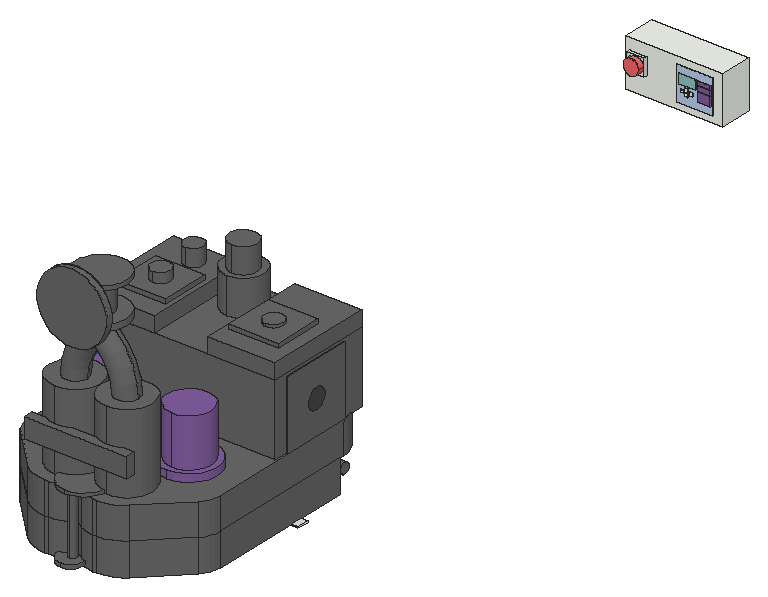
Revit family "11043", category Generic Models, Revit 2021
Family settings
  Can host rebar = No
  Round Connector Dimension = Use Diameter
  Part Type = Normal
  Work Plane-Based = No
  Always vertical = Yes
  Cut with Voids When Loaded = No
  Shared = Yes
  Room Calculation Point = No
Parameters (values of type "11043")
  SUPPLIER = "KESSEL"
  SA700ID49 = "Protection Class I"
  SA700ID48 = "no"
  SA700ID47 = "no"
  SA700ID46 = "yes"
  SA700ID37 = 16000 mm
  SA700ID34 = 47
  SA700ID33 = 3.2 W
  SA700ID32 = 184.86 kg
  SA700ID31 = 1
  SA700ID30 = 2
  SA700ID29 = "GLRD"
  SA700ID21 = 1600
  SA700ID10 = "yes"
  SA700ID08 = 400 V
  PROCUREWEBLINK = "https://p.caden.as/kessel/11043"
  PROCURELINK = "p.caden.as/kessel/11043"
  PROCUREDATALASTUPDATE = "2024-05-22T12:18:05.183952167+01:00"
  PREVIEW = "../../bilder/ksb_w_11043.png"
  PRC_SPECIFICATIONLINK = "https://ausschreiben.de/catalog/kessel/catalogItem/eecca4b4-9ba5-4cc5-a2b6-fe0316435f90"
  NN = "Lifting station Aqualift F XL"
  NBSYN = "$SA810ID03."
  NB = "11043"
  Model = "11043"
  Manufacturer = "KESSEL"
  MIdent = "{$CADENAS_DATA/23d-libs/kessel/kessel_vdi_import/4/entwaesserung/hebeanlage20aqualift20f20xl.prj},201 {STYP=ASS},{VTYP=3D},{NB=11043},{LINA=11043},{NN=Lifting station Aqualift F XL},{DATE=21.11.2022 10:48:11},{GEOMDATE=21.11.2022 10:48:11},{VERSION=},{LINEID=210},{WBVAR=LODLEVEL},{WBNUMERIC=LODLEVEL}  {NB=11043},{LINA=11043},{KT=DUMMY},{PREVIEW=../../bilder/ksb_w_11043.png},{SA700ID04=Hebeanlage Aqualift F XL 200 l, Duo, SPF 3000-S3, Gussschieber},{SA810ID06=04026092057100},{SA700ID34=47.00},{SA010ID03=201805},{SA810ID03=11043},{SA810ID10=Aqualift F XL 3000W-S3 Duo 200L m.S.G.KESSEL Aqualift F XL Hebeanlage für fäkalienhaltiges und fäkalienfreies Abwasser. Zur Aufstellung in frostgeschützten Räumen.Duoanlage mit zwei Pumpen des Typs SPF 3000-S3 Sammelbehälter aus Polyethylen, mit verschraubter Reinigungsöffnung, Anschlussstutzen für Zulauf von oben DN100/150.Inklusive Tauchrohr zur pneumatischen Niveauerfassung,Entlüftungsanschluss DN 70 und Anschluss für eine Handmembranpumpe DN 32.Behälter inklusive Haltewinkel zur Auftriebssicherung.Behältervolumen 200 Liter, max. Nutzvolumen bei Zulauf von oben ca. 120 Liter.Zwei seitliche und zwei rückseitige Anbohrflächen zur Montage weiterer Zuläufe bis DN 200 unter Verwendung von Durchgangsdichtungen.Inklusive KESSEL Schaltgerät Aqualift Comfort 400 V.Anwenderfreundliche Menüführung im mehrzeiligem Display. MitSelbstdiagnosesystem (SDS) und Erinnerungsfunktion für nächste Wartung.Anzeige der aktuellen Messwerte. Einfache Einstellung derfunktionsrelevanten Parameter, inklusive Betriebsstundenzähler und potentialfreiem Kontakt. Optionale Weiterleitung von Alarm- und Sammelstörmeldung über GSM Schnittstelle.Schaltgerät mit Volltextanzeige in sechs Sprachen.Abwasserpumpe(n) mit Freistromrad zur Förderung von fäkalienfreiem und fäkalienhaltigem Abwasser gemäß DIN EN 12050-1. Freier Kugeldurchgang mindestens 40 mm. Pumpe(n) überflutungssicher. Inklusive Rückflussverhinderer, mit Druckabgang aus Grauguss DN 80. nach DIN 2501.Inklusive einem Absperrschieber.Pumpe(n) Typ SPF 3000-S3Fördermenge: max. 47 m³/hFörderhöhe: max. 16 mNennleistung (P2): 2,7 KW je PumpeAufnahmeleistung (P1):  3,3 KW je PumpeBetriebsspannung: 400 V DSNennfrequenz: 50 HzNennstrom: 5,4 AAbsicherung: 3 x 16 A trägeSchutzart (Pumpe): IP68 3mWS/48hSchutzart (Schaltgerät): IP 65Bertiebsart: S3 (50 % Einschaltdauer)Kabellänge: 5 mAußenmaße Anlage mit 200 Liter Behälter (BxTxH): 760 x 980 x 770 mm},{SA700ID37=16.00},{SA700ID33=3.20},{SA700ID08=400},{SA700ID30=2},{SA700ID32=184.86},{SA700ID49=Schutzklasse I},{SA700ID50=intern},{SA200ID03=6},{SA250ID03=vertikal},{SA260ID03=Trockenläuferpumpe},{SA350ID03=normalansaugend},{SA400ID03=E-Motor für Drehstrom},{SA460ID03=direkt},{SA500ID03=Kunststoff, Edelstahl},{SA700ID06=80},{SA700ID07=100},{SA700ID09=3/N/PE 400V},{SA700ID10=Ja},{SA700ID11=50},{SA700ID12=IP 68},{SA700ID13=F},{SA700ID15=40},{SA700ID21=1600.00},{SA700ID22=2.70},{SA700ID23=2845},{SA700ID24=2845},{SA700ID26=5.40},{SA700ID27=41.00},{SA700ID28=durchgehend},{SA700ID29=GLRD},{SA700ID31=1},{SA700ID46=ja},{SA700ID47=nein},{SA700ID48=nein},{SA110ID04=Hebeanlage Aqualift F XL},{SA300ID03=einstufig},{SA700ID44=10.00},{SA700ID45=10.00},{SA010ID04=KESSEL AG},{LODLEVEL=200},{LINK=https://www.kessel.de/info?han=11043},{SA970ID01=970},{SA970ID02=7133},{SA970ID03=11043},{SA970ID04=11002617},{SA970ID05=QUAD},{SA970ID06=-410.01},{SA970ID07=-899.99},{SA970ID08=0},{SA970ID09=1},{SA970ID10=0},{SA970ID11=0},{SA970ID12=0},{SA970ID13=1},{SA970ID14=0},{SA970ID15=820.02},{SA970ID16=1030},{SA970ID17=1033.74},{LODLEVEL_=200,'Low'},{LODLEVEL_DEU=200,'Low'},{LINK_=https://www.kessel.de/info?han=11043},{LINK_DEU=https://www.kessel.de/info?han=11043},{LODLEVEL_3DB=11043_200},{DNIN1=100},{DNIN2=70},{DNIN4=10},{DNIN5=10},{DNIN6=50},{DNIN7=50},{DNIN8=50},{DNIN9=50},{DNOUT1=32},{DNOUT2=100},{DNOUT3=70},{ISD1=96},{ISD2=10},{ISDOUT1=40},{ISDOUT2=65},{ISDOUT3=MIN},{SA010ID01=010},{SA010ID02=4},{SA010ID06=www.kessel.de},{SA010ID07=www.kessel.de},{SA010ID12=20180713},{SA010ID13=DEU},{SA010ID14=DE},{SA100ID01=100},{SA100ID02=4},{SA100ID04=Entwässerung},{SA110ID01=110},{SA110ID02=6},{SA200ID01=200},{SA200ID02=6},{SA250ID01=250},{SA250ID02=2},{SA260ID01=260},{SA260ID02=2},{SA300ID01=300},{SA300ID02=1},{SA350ID01=350},{SA350ID02=1},{SA400ID01=400},{SA400ID02=2},{SA460ID01=460},{SA460ID02=1},{SA500ID01=500},{SA500ID02=1},{SA700ID01=700},{SA700ID02=53},{SA700ID10_=1},{SA700ID16=0},{SA700ID25=0},{SA700ID46_=1},{SA700ID47_=0},{SA700ID48_=0},{SA700ID49_=1},{SA700ID50_=2},{SA800ID01=800},{SA800ID02=17},{SA810ID01=810},{SA810ID02=53},{SA810ID04=11043},{SA810ID07=53},{SA810ID09=1},{SA810ID14=PCE},{SA810ID15=1},{SA810ID16=NMP},{SA960ID03=53},{SA960ID04=3L},{SA960ID08=https://www.kessel.de/info?han=11043},{SA010ID08=4026092000007},{SA100ID05=Hebeanlage},{SA110ID06=Hebeanlage}"
  LINK = "https://www.kessel.de/info?han=11043"
  LINA = "11043"
  Default Elevation = 0 mm
  CREATOR = "CADENAS GmbH"
  CATALOG = "KESSEL"
  BOMINFO = "LINA"
  ARTICLENO = "NB"
  4.810.00.9 Order quantity (multiplicator) = "1"
  4.810.00.7 Media- connection number = "53"
  4.810.00.6 GTIN number = "04026092057100"
  4.810.00.4 DATANORM number = "11043"
  4.810.00.3 Producer order number = "11043"
  4.710.03.7 Mass (net) = 184.86 kg
  4.710.03.6 Height = 1027 mm
  4.710.03.5 Width = 760 mm
  4.710.03.4 Length = 1109 mm
  4.710.03.3 Type of dimensions = "2"
  4.710.02.8 Area of application of wastewater pump = "1"
  4.710.02.7 Art des S2/S3-Betriebs = "50 %"
  4.710.02.6 Duty type = "S3"
  4.710.02.5 Cutting device = "0"
  4.710.02.4 Attached pump control = "1"
  4.710.02.3 Free passage = 40 mm
  4.710.01.6 Option to connect to building automation = "40"
  4.710.01.5 Load regulation = "0"
  4.710.01.4 Designation of closed-loop control = "120"
  4.710.01.3 Identifier for closed-loop control = "200"
  4.700.00.9 Voltage = 0
  4.700.00.8 Nominal connection size on suction side = "100"
  4.700.00.7 Nominal connection size on pressure side = "100"
  4.700.00.6 Type of connection = "80"
  4.700.00.4 Product indentification = "Hebeanlage Aqualift F XL 200 l, Duo, SPF 3000-S3, Gussschieber"
  4.700.00.28 Motor pump shaft = "durchgehend"
  4.700.00.27 Starting current = 41
  4.700.00.26 Maximum power consumption per pump / drive = 5.4
  4.700.00.25 Minimum speed at internal speed adjustment = 0
  4.700.00.24 Nominal speed / maximum speed n = 47.4167
  4.700.00.23 Nominal speed of motor = 47.4167
  4.700.00.22 Maximum shaft output (P2) per pump/drive = 2.7 W
  4.700.00.16 Maximum temperature of pumped medium = 0 °C
  4.700.00.15 Increased safety class = "40 °C"
  4.700.00.13 Type of protection = "F"
  4.700.00.12 Frequency = 0
  4.700.00.11 Stern-/Dreieck-Anlaufschaltung bei Dreiphasenanschluss oder Drehstrom = "50 Hz"
  4.700.00.10 Phase = "1"
  4.500.00.3 Variant / Variant type / Accessories-name = "Kunststoff, Edelstahl"
  4.460.00.3 Variant / Variant type / Accessories-name = "direkt"
  4.400.00.3 Variant / Variant type / Accessories-name = "E-Motor für Drehstrom"
  4.350.00.3 Variant / Variant type / Accessories-name = "normalansaugend"
  4.300.00.3 Variant / Variant type / Accessories-name = "einstufig"
  4.260.00.3 Variant / Variant type / Accessories-name = "Trockenläuferpumpe"
  4.250.00.3 Variant / Variant type / Accessories-name = "vertikal"
  4.200.00.3 Variant / Variant type / Accessories-name = "6"
  4.110.00.6 Product classification = "Hebeanlage"
  4.110.00.4 Product indentification = "Hebeanlage Aqualift F XL"
  4.100.00.5 Main groups of wares = "Hebeanlage"
  4.100.00.4 Product indentification = "Entwässerung"
  4.010.00.8 Producer ID number = "4026092000007"
  4.010.00.7 Comment = "www.kessel.de"
  4.010.00.6 Web address of the manufacturer = "www.kessel.de"
  4.010.00.4 Manufacturer name = "KESSEL AG"
  4.010.00.3 Date of issuance (month) of guideline = "201805"
  4.010.00.2 Sheet number of the guideline = "4"
  4.010.00.14 Kennungen der Projektländer, für die die Datei gültig ist = "DE"
  4.010.00.13 Sprache der Datei = "DEU"
  4.010.00.12 Stand des Herstellerkatalogs = "20180713"
Reference planes
  plane 1 "Center (Front/Back)": y = 0
  plane 2: z = 0
  plane 3 "Center (Left/Right)": x = 0
Forms (mm)
  Extrusion 1, void
    sketch origin (380.5, -115, 392) x (0, -1, 0) y (0, 0, 1)
      loop
        line (-0.5, -0.5) -> (0.5, -0.5) -> (0.5, 0.5) -> (-0.5, 0.5) -> (-0.5, -0.5)
    from 0 to 1
  Extrusion 2, void
    sketch origin (-161, 130.5, 392) x (1, 0, 0) y (0, 0, 1)
      loop
        line (-0.5, -0.5) -> (0.5, -0.5) -> (0.5, 0.5) -> (-0.5, 0.5) -> (-0.5, -0.5)
    from 0 to 1
  Extrusion 3, void
    sketch origin (-380.5, -115, 392) x (0, 1, 0) y (0, 0, 1)
      loop
        line (-0.5, -0.5) -> (0.5, -0.5) -> (0.5, 0.5) -> (-0.5, 0.5) -> (-0.5, -0.5)
    from 0 to 1
  Extrusion 4, void
    sketch origin (160.15, 130.5, 392) x (1, 0, 0) y (0, 0, 1)
      loop
        line (-0.5, -0.5) -> (0.5, -0.5) -> (0.5, 0.5) -> (-0.5, 0.5) -> (-0.5, -0.5)
    from 0 to 1
Dimensions and locks
  locked: plane 2 to Extrusion 1 at 392.5
  locked: plane 2 to Extrusion 1 at 391.5
  locked: plane 2 to Extrusion 2 at 392.5
  locked: plane 2 to Extrusion 2 at 391.5
  locked: plane 2 to Extrusion 3 at 392.5
  locked: plane 2 to Extrusion 3 at 391.5
  locked: plane 2 to Extrusion 4 at 392.5
  locked: plane 2 to Extrusion 4 at 391.5
  aligned and locked: level to plane 2
Nested families
  nested 1: "11043_content" at (0, 0, 0), type "11043_Content"
  nested 2: "11043_part1_X0Y0" at (1000, 1000, 1200), type "11043_PART1_X0Y0"
  nested 3: "11043_part2_X0Y0" at (0, 0, 0), type "11043_PART2_X0Y0"
Connectors
  electrical at (861, 933, 1201.5)
    settings: on nested 2, index 1, voltage 0 V, apparent load 0 VA, apparent load phase1 0 VA, apparent load phase2 0 VA, apparent load phase3 0 VA, power factor 1, load classification "Other", number of poles 1, system type 31, power factor state 1, is connector primary yes, connector utility no, sub classification motor no, connector description ""
  piping at (0, 0, 771), diameter 100
    settings: on nested 3, index 2, connector inside diameter 609.6 mm, connector length 0 mm, flow factor 0, pipe flow 0.0 L/s, pressure drop 0.0 Pa, fitting loss kfactor 0, connector angle 0.00°, fixture units 0, engagement length 0 mm, angle of deflection 0.00°, flow configuration 0, flow direction 1, fitting loss method 2, system type 8, joint type 0, gender type 0, connector reference index -1, connector utility 0, adjustable connector no, is connector primary yes, connector description ""
  piping at (380.5, -115, 392), diameter 70
    settings: on Extrusion 1, index 3, connector inside diameter 609.6 mm, connector length 0 mm, flow factor 0, pipe flow 0.0 L/s, pressure drop 0.0 Pa, fitting loss kfactor 0, connector angle 0.00°, fixture units 0, engagement length 0 mm, angle of deflection 0.00°, flow configuration 0, flow direction 0, fitting loss method 2, system type 8, joint type 0, gender type 0, connector reference index -1, connector utility 0, adjustable connector no, is connector primary no, connector description ""
  piping at (-161, 130.5, 392), diameter 70
    settings: on Extrusion 2, index 4, connector inside diameter 609.6 mm, connector length 0 mm, flow factor 0, pipe flow 0.0 L/s, pressure drop 0.0 Pa, fitting loss kfactor 0, connector angle 0.00°, fixture units 0, engagement length 0 mm, angle of deflection 0.00°, flow configuration 0, flow direction 0, fitting loss method 2, system type 8, joint type 0, gender type 0, connector reference index -1, connector utility 0, adjustable connector no, is connector primary no, connector description ""
  piping at (-380.5, -115, 392), diameter 70
    settings: on Extrusion 3, index 5, connector inside diameter 609.6 mm, connector length 0 mm, flow factor 0, pipe flow 0.0 L/s, pressure drop 0.0 Pa, fitting loss kfactor 0, connector angle 0.00°, fixture units 0, engagement length 0 mm, angle of deflection 0.00°, flow configuration 0, flow direction 0, fitting loss method 2, system type 8, joint type 0, gender type 0, connector reference index -1, connector utility 0, adjustable connector no, is connector primary no, connector description ""
  piping at (0, -700, 966), diameter 100
    settings: on nested 3, index 6, connector inside diameter 609.6 mm, connector length 0 mm, flow factor 0, pipe flow 0.0 L/s, pressure drop 0.0 Pa, fitting loss kfactor 0, connector angle 0.00°, fixture units 0, engagement length 0 mm, angle of deflection 0.00°, flow configuration 0, flow direction 2, fitting loss method 2, system type 7, joint type 0, gender type 0, connector reference index -1, connector utility 0, adjustable connector no, is connector primary no, connector description ""
  piping at (-225, 36, 661), diameter 70
    settings: on nested 3, index 7, connector inside diameter 609.6 mm, connector length 0 mm, flow factor 0, pipe flow 0.0 L/s, pressure drop 0.0 Pa, fitting loss kfactor 0, connector angle 0.00°, fixture units 0, engagement length 0 mm, angle of deflection 0.00°, flow configuration 0, flow direction 2, fitting loss method 2, system type 7, joint type 0, gender type 0, connector reference index -1, connector utility 0, adjustable connector no, is connector primary no, connector description ""
  piping at (354.5, 56, 60), diameter 32
    settings: on nested 3, index 8, connector inside diameter 609.6 mm, connector length 0 mm, flow factor 0, pipe flow 0.0 L/s, pressure drop 0.0 Pa, fitting loss kfactor 0, connector angle 0.00°, fixture units 0, engagement length 0 mm, angle of deflection 0.00°, flow configuration 0, flow direction 2, fitting loss method 2, system type 7, joint type 0, gender type 0, connector reference index -1, connector utility 0, adjustable connector no, is connector primary no, connector description ""
  piping at (160.15, 130.5, 392), diameter 70
    settings: on Extrusion 4, index 9, connector inside diameter 609.6 mm, connector length 0 mm, flow factor 0, pipe flow 0.0 L/s, pressure drop 0.0 Pa, fitting loss kfactor 0, connector angle 0.00°, fixture units 0, engagement length 0 mm, angle of deflection 0.00°, flow configuration 0, flow direction 0, fitting loss method 2, system type 29, joint type 0, gender type 0, connector reference index -1, connector utility 0, adjustable connector no, is connector primary no, connector description ""
  electrical at (185, -497, 477)
    settings: on nested 3, index 10, voltage 0 V, apparent load 0 VA, apparent load phase1 0 VA, apparent load phase2 0 VA, apparent load phase3 0 VA, power factor 1, load classification "Other", number of poles 1, system type 31, power factor state 1, is connector primary no, connector utility no, sub classification motor no, connector description ""
  electrical at (-185, -496.75, 477)
    settings: on nested 3, index 11, voltage 0 V, apparent load 0 VA, apparent load phase1 0 VA, apparent load phase2 0 VA, apparent load phase3 0 VA, power factor 1, load classification "Other", number of poles 1, system type 31, power factor state 1, is connector primary no, connector utility no, sub classification motor no, connector description ""
  electrical at (-222.5, -129, 650)
    settings: on nested 3, index 12, voltage 0 V, apparent load 0 VA, apparent load phase1 0 VA, apparent load phase2 0 VA, apparent load phase3 0 VA, power factor 1, load classification "Other", number of poles 1, system type 31, power factor state 1, is connector primary no, connector utility no, sub classification motor no, connector description ""
Definition of nested family "11043_part1_X0Y0"
  Parameters (values of type "11043_PART1_X0Y0")
    SUPPLIER = "KESSEL"
    SA700ID49 = "Protection Class I"
    SA700ID48 = "no"
    SA700ID47 = "no"
    SA700ID46 = "yes"
    SA700ID37 = 16000 mm
    SA700ID34 = 47
    SA700ID33 = 3.2 W
    SA700ID32 = 184.86 kg
    SA700ID31 = 1
    SA700ID30 = 2
    SA700ID29 = "GLRD"
    SA700ID21 = 1600
    SA700ID10 = "yes"
    SA700ID08 = 400 V
    PREVIEW = "../../bilder/ksb_w_11043.png"
    NBSYN = "$SA810ID03._PART1"
    NB = "11043_PART1"
    Model = "11043_PART1"
    Manufacturer = "KESSEL"
    MIdent = "{$CADENAS_DATA/23d-libs/kessel/kessel_vdi_import/4/entwaesserung/hebeanlage20aqualift20f20xl.prj},221 {VTYP=3D},{NB=11043_PART1},{LINA=11043_PART1},{NN=Lifting station Aqualift F XL_PART1},{NOPRJ=TRUE},{DATE=21.11.2022 10:48:11},{GEOMDATE=21.11.2022 10:48:11},{VERSION=},{LINEID=210},{WBVAR=LODLEVEL},{WBNUMERIC=LODLEVEL}  {NB=11043_PART1},{LINA=11043_PART1},{KT=DUMMY},{PREVIEW=../../bilder/ksb_w_11043.png},{SA700ID04=Hebeanlage Aqualift F XL 200 l, Duo, SPF 3000-S3, Gussschieber},{SA810ID06=04026092057100},{SA700ID34=47.00},{SA010ID03=201805},{SA810ID03=11043},{SA810ID10=Aqualift F XL 3000W-S3 Duo 200L m.S.G.KESSEL Aqualift F XL Hebeanlage für fäkalienhaltiges und fäkalienfreies Abwasser. Zur Aufstellung in frostgeschützten Räumen.Duoanlage mit zwei Pumpen des Typs SPF 3000-S3 Sammelbehälter aus Polyethylen, mit verschraubter Reinigungsöffnung, Anschlussstutzen für Zulauf von oben DN100/150.Inklusive Tauchrohr zur pneumatischen Niveauerfassung,Entlüftungsanschluss DN 70 und Anschluss für eine Handmembranpumpe DN 32.Behälter inklusive Haltewinkel zur Auftriebssicherung.Behältervolumen 200 Liter, max. Nutzvolumen bei Zulauf von oben ca. 120 Liter.Zwei seitliche und zwei rückseitige Anbohrflächen zur Montage weiterer Zuläufe bis DN 200 unter Verwendung von Durchgangsdichtungen.Inklusive KESSEL Schaltgerät Aqualift Comfort 400 V.Anwenderfreundliche Menüführung im mehrzeiligem Display. MitSelbstdiagnosesystem (SDS) und Erinnerungsfunktion für nächste Wartung.Anzeige der aktuellen Messwerte. Einfache Einstellung derfunktionsrelevanten Parameter, inklusive Betriebsstundenzähler und potentialfreiem Kontakt. Optionale Weiterleitung von Alarm- und Sammelstörmeldung über GSM Schnittstelle.Schaltgerät mit Volltextanzeige in sechs Sprachen.Abwasserpumpe(n) mit Freistromrad zur Förderung von fäkalienfreiem und fäkalienhaltigem Abwasser gemäß DIN EN 12050-1. Freier Kugeldurchgang mindestens 40 mm. Pumpe(n) überflutungssicher. Inklusive Rückflussverhinderer, mit Druckabgang aus Grauguss DN 80. nach DIN 2501.Inklusive einem Absperrschieber.Pumpe(n) Typ SPF 3000-S3Fördermenge: max. 47 m³/hFörderhöhe: max. 16 mNennleistung (P2): 2,7 KW je PumpeAufnahmeleistung (P1):  3,3 KW je PumpeBetriebsspannung: 400 V DSNennfrequenz: 50 HzNennstrom: 5,4 AAbsicherung: 3 x 16 A trägeSchutzart (Pumpe): IP68 3mWS/48hSchutzart (Schaltgerät): IP 65Bertiebsart: S3 (50 % Einschaltdauer)Kabellänge: 5 mAußenmaße Anlage mit 200 Liter Behälter (BxTxH): 760 x 980 x 770 mm},{SA700ID37=16.00},{SA700ID33=3.20},{SA700ID08=400},{SA700ID30=2},{SA700ID32=184.86},{SA700ID49=Schutzklasse I},{SA700ID50=intern},{SA200ID03=6},{SA250ID03=vertikal},{SA260ID03=Trockenläuferpumpe},{SA350ID03=normalansaugend},{SA400ID03=E-Motor für Drehstrom},{SA460ID03=direkt},{SA500ID03=Kunststoff, Edelstahl},{SA700ID06=80},{SA700ID07=100},{SA700ID09=3/N/PE 400V},{SA700ID10=Ja},{SA700ID11=50},{SA700ID12=IP 68},{SA700ID13=F},{SA700ID15=40},{SA700ID21=1600.00},{SA700ID22=2.70},{SA700ID23=2845},{SA700ID24=2845},{SA700ID26=5.40},{SA700ID27=41.00},{SA700ID28=durchgehend},{SA700ID29=GLRD},{SA700ID31=1},{SA700ID46=ja},{SA700ID47=nein},{SA700ID48=nein},{SA110ID04=Hebeanlage Aqualift F XL},{SA300ID03=einstufig},{SA700ID44=10.00},{SA700ID45=10.00},{SA010ID04=KESSEL AG},{LODLEVEL=200},{LINK=https://www.kessel.de/info?han=11043},{SA970ID01=970},{SA970ID02=7133},{SA970ID03=11043},{SA970ID04=11002617},{SA970ID05=QUAD},{SA970ID06=-410.01},{SA970ID07=-899.99},{SA970ID08=0},{SA970ID09=1},{SA970ID10=0},{SA970ID11=0},{SA970ID12=0},{SA970ID13=1},{SA970ID14=0},{SA970ID15=820.02},{SA970ID16=1030},{SA970ID17=1033.74},{LODLEVEL_=200,'Low'},{LODLEVEL_DEU=200,'Low'},{LINK_=https://www.kessel.de/info?han=11043},{LINK_DEU=https://www.kessel.de/info?han=11043},{LODLEVEL_3DB=11043_200},{DNIN1=100},{DNIN2=70},{DNIN4=10},{DNIN5=10},{DNIN6=50},{DNIN7=50},{DNIN8=50},{DNIN9=50},{DNOUT1=32},{DNOUT2=100},{DNOUT3=70},{ISD1=96},{ISD2=10},{ISDOUT1=40},{ISDOUT2=65},{ISDOUT3=MIN},{SA010ID01=010},{SA010ID02=4},{SA010ID06=www.kessel.de},{SA010ID07=www.kessel.de},{SA010ID12=20180713},{SA010ID13=DEU},{SA010ID14=DE},{SA100ID01=100},{SA100ID02=4},{SA100ID04=Entwässerung},{SA110ID01=110},{SA110ID02=6},{SA200ID01=200},{SA200ID02=6},{SA250ID01=250},{SA250ID02=2},{SA260ID01=260},{SA260ID02=2},{SA300ID01=300},{SA300ID02=1},{SA350ID01=350},{SA350ID02=1},{SA400ID01=400},{SA400ID02=2},{SA460ID01=460},{SA460ID02=1},{SA500ID01=500},{SA500ID02=1},{SA700ID01=700},{SA700ID02=53},{SA700ID10_=1},{SA700ID16=0},{SA700ID25=0},{SA700ID46_=1},{SA700ID47_=0},{SA700ID48_=0},{SA700ID49_=1},{SA700ID50_=2},{SA800ID01=800},{SA800ID02=17},{SA810ID01=810},{SA810ID02=53},{SA810ID04=11043},{SA810ID07=53},{SA810ID09=1},{SA810ID14=PCE},{SA810ID15=1},{SA810ID16=NMP},{SA960ID03=53},{SA960ID04=3L},{SA960ID08=https://www.kessel.de/info?han=11043},{SA010ID08=4026092000007},{SA100ID05=Hebeanlage},{SA110ID06=Hebeanlage}"
    LINK = "https://www.kessel.de/info?han=11043"
    LINA = "11043_PART1"
    Default Elevation = 1219.2 mm
    CREATOR = "CADENAS GmbH"
    CATALOG = "KESSEL"
    BOMINFO = "LINA"
    ARTICLENO = "NB"
    4.810.00.9 Order quantity (multiplicator) = "1"
    4.810.00.7 Media- connection number = "53"
    4.810.00.6 GTIN number = "04026092057100"
    4.810.00.4 DATANORM number = "11043"
    4.810.00.3 Producer order number = "11043"
    4.710.03.7 Mass (net) = 184.86 kg
    4.710.03.6 Height = 1027 mm
    4.710.03.5 Width = 760 mm
    4.710.03.4 Length = 1109 mm
    4.710.03.3 Type of dimensions = "2"
    4.710.02.8 Area of application of wastewater pump = "1"
    4.710.02.7 Art des S2/S3-Betriebs = "50 %"
    4.710.02.6 Duty type = "S3"
    4.710.02.5 Cutting device = "0"
    4.710.02.4 Attached pump control = "1"
    4.710.02.3 Free passage = 40 mm
    4.710.01.6 Option to connect to building automation = "40"
    4.710.01.5 Load regulation = "0"
    4.710.01.4 Designation of closed-loop control = "120"
    4.710.01.3 Identifier for closed-loop control = "200"
    4.700.00.9 Voltage = 0
    4.700.00.8 Nominal connection size on suction side = "100"
    4.700.00.7 Nominal connection size on pressure side = "100"
    4.700.00.6 Type of connection = "80"
    4.700.00.4 Product indentification = "Hebeanlage Aqualift F XL 200 l, Duo, SPF 3000-S3, Gussschieber"
    4.700.00.28 Motor pump shaft = "durchgehend"
    4.700.00.27 Starting current = 41
    4.700.00.26 Maximum power consumption per pump / drive = 5.4
    4.700.00.25 Minimum speed at internal speed adjustment = 0
    4.700.00.24 Nominal speed / maximum speed n = 47.4167
    4.700.00.23 Nominal speed of motor = 47.4167
    4.700.00.22 Maximum shaft output (P2) per pump/drive = 2.7 W
    4.700.00.16 Maximum temperature of pumped medium = 0 °C
    4.700.00.15 Increased safety class = "40 °C"
    4.700.00.13 Type of protection = "F"
    4.700.00.12 Frequency = 0
    4.700.00.11 Stern-/Dreieck-Anlaufschaltung bei Dreiphasenanschluss oder Drehstrom = "50 Hz"
    4.700.00.10 Phase = "1"
    4.500.00.3 Variant / Variant type / Accessories-name = "Kunststoff, Edelstahl"
    4.460.00.3 Variant / Variant type / Accessories-name = "direkt"
    4.400.00.3 Variant / Variant type / Accessories-name = "E-Motor für Drehstrom"
    4.350.00.3 Variant / Variant type / Accessories-name = "normalansaugend"
    4.300.00.3 Variant / Variant type / Accessories-name = "einstufig"
    4.260.00.3 Variant / Variant type / Accessories-name = "Trockenläuferpumpe"
    4.250.00.3 Variant / Variant type / Accessories-name = "vertikal"
    4.200.00.3 Variant / Variant type / Accessories-name = "6"
    4.110.00.6 Product classification = "Hebeanlage"
    4.110.00.4 Product indentification = "Hebeanlage Aqualift F XL"
    4.100.00.5 Main groups of wares = "Hebeanlage"
    4.100.00.4 Product indentification = "Entwässerung"
    4.010.00.8 Producer ID number = "4026092000007"
    4.010.00.7 Comment = "www.kessel.de"
    4.010.00.6 Web address of the manufacturer = "www.kessel.de"
    4.010.00.4 Manufacturer name = "KESSEL AG"
    4.010.00.3 Date of issuance (month) of guideline = "201805"
    4.010.00.2 Sheet number of the guideline = "4"
    4.010.00.14 Kennungen der Projektländer, für die die Datei gültig ist = "DE"
    4.010.00.13 Sprache der Datei = "DEU"
    4.010.00.12 Stand des Herstellerkatalogs = "20180713"
  Reference planes
    plane 1 "Center (Front/Back)": y = 0
    plane 2: z = 0
    plane 3 "Center (Left/Right)": x = 0
  Dimensions and locks
    aligned and locked: level to plane 2
  Nested families
    nested 1: "11043_part1_content" at (0, 0, 0), type "11043_PART1_Content"
  Definition of nested family "11043_part1_content"
    Parameters (values of type "11043_PART1_Content")
      SUPPLIER = "KESSEL"
      SA700ID49 = "Protection Class I"
      SA700ID48 = "no"
      SA700ID47 = "no"
      SA700ID46 = "yes"
      SA700ID37 = 16000 mm
      SA700ID34 = 47
      SA700ID33 = 3.2 W
      SA700ID32 = 184.86 kg
      SA700ID31 = 1
      SA700ID30 = 2
      SA700ID29 = "GLRD"
      SA700ID21 = 1600
      SA700ID10 = "yes"
      SA700ID08 = 400 V
      PREVIEW = "../../bilder/ksb_w_11043.png"
      NBSYN = "$SA810ID03._PART1"
      NB = "11043_PART1"
      Model = "11043_PART1"
      Manufacturer = "KESSEL"
      LINK = "https://www.kessel.de/info?han=11043"
      LINA = "11043_PART1"
      Default Elevation = 1219.2 mm
      CREATOR = "CADENAS GmbH"
      CATALOG = "KESSEL"
      BOMINFO = "LINA"
      ARTICLENO = "NB"
      4.810.00.9 Order quantity (multiplicator) = "1"
      4.810.00.7 Media- connection number = "53"
      4.810.00.6 GTIN number = "04026092057100"
      4.810.00.4 DATANORM number = "11043"
      4.810.00.3 Producer order number = "11043"
      4.710.03.7 Mass (net) = 184.86 kg
      4.710.03.6 Height = 1027 mm
      4.710.03.5 Width = 760 mm
      4.710.03.4 Length = 1109 mm
      4.710.03.3 Type of dimensions = "2"
      4.710.02.8 Area of application of wastewater pump = "1"
      4.710.02.7 Art des S2/S3-Betriebs = "50 %"
      4.710.02.6 Duty type = "S3"
      4.710.02.5 Cutting device = "0"
      4.710.02.4 Attached pump control = "1"
      4.710.02.3 Free passage = 40 mm
      4.710.01.6 Option to connect to building automation = "40"
      4.710.01.5 Load regulation = "0"
      4.710.01.4 Designation of closed-loop control = "120"
      4.710.01.3 Identifier for closed-loop control = "200"
      4.700.00.9 Voltage = 0
      4.700.00.8 Nominal connection size on suction side = "100"
      4.700.00.7 Nominal connection size on pressure side = "100"
      4.700.00.6 Type of connection = "80"
      4.700.00.4 Product indentification = "Hebeanlage Aqualift F XL 200 l, Duo, SPF 3000-S3, Gussschieber"
      4.700.00.28 Motor pump shaft = "durchgehend"
      4.700.00.27 Starting current = 41
      4.700.00.26 Maximum power consumption per pump / drive = 5.4
      4.700.00.25 Minimum speed at internal speed adjustment = 0
      4.700.00.24 Nominal speed / maximum speed n = 47.4167
      4.700.00.23 Nominal speed of motor = 47.4167
      4.700.00.22 Maximum shaft output (P2) per pump/drive = 2.7 W
      4.700.00.16 Maximum temperature of pumped medium = 0 °C
      4.700.00.15 Increased safety class = "40 °C"
      4.700.00.13 Type of protection = "F"
      4.700.00.12 Frequency = 0
      4.700.00.11 Stern-/Dreieck-Anlaufschaltung bei Dreiphasenanschluss oder Drehstrom = "50 Hz"
      4.700.00.10 Phase = "1"
      4.500.00.3 Variant / Variant type / Accessories-name = "Kunststoff, Edelstahl"
      4.460.00.3 Variant / Variant type / Accessories-name = "direkt"
      4.400.00.3 Variant / Variant type / Accessories-name = "E-Motor für Drehstrom"
      4.350.00.3 Variant / Variant type / Accessories-name = "normalansaugend"
      4.300.00.3 Variant / Variant type / Accessories-name = "einstufig"
      4.260.00.3 Variant / Variant type / Accessories-name = "Trockenläuferpumpe"
      4.250.00.3 Variant / Variant type / Accessories-name = "vertikal"
      4.200.00.3 Variant / Variant type / Accessories-name = "6"
      4.110.00.6 Product classification = "Hebeanlage"
      4.110.00.4 Product indentification = "Hebeanlage Aqualift F XL"
      4.100.00.5 Main groups of wares = "Hebeanlage"
      4.100.00.4 Product indentification = "Entwässerung"
      4.010.00.8 Producer ID number = "4026092000007"
      4.010.00.7 Comment = "www.kessel.de"
      4.010.00.6 Web address of the manufacturer = "www.kessel.de"
      4.010.00.4 Manufacturer name = "KESSEL AG"
      4.010.00.3 Date of issuance (month) of guideline = "201805"
      4.010.00.2 Sheet number of the guideline = "4"
      4.010.00.14 Kennungen der Projektländer, für die die Datei gültig ist = "DE"
      4.010.00.13 Sprache der Datei = "DEU"
      4.010.00.12 Stand des Herstellerkatalogs = "20180713"
    Reference planes
      plane 1 "Center (Front/Back)": y = 0
      plane 2: z = 0
      plane 3 "Center (Left/Right)": x = 0
    Forms (mm)
      Extrusion 1, solid, detail levels medium+fine
        sketch origin (189.25, -1.75, 0.2) x (0, -1, 0) y (0, 0, 1)
          loop
            line (0, 187.8) -> (0, 0) -> (127.75, 0) -> (127.75, 187.8) -> (0, 187.8)
        from 0 to 378.5
      Extrusion 2, solid, detail levels medium+fine
        sketch origin (-4, -67, 0) x (0, 1, 0) y (-1, 0, 0)
          loop
            circle (0, 0) r 12.5
        from 0 to 1.5
      Extrusion 3, solid, detail levels medium+fine
        sketch origin (150.8, -129.5, 26.5) x (0, -1, 0) y (0, 0, 1)
          loop
            line (-1.2, 134.8) -> (-1.2, 0) -> (0.25, 0) -> (0.25, 134.8) -> (-1.2, 134.8)
        from 0 to 139.9
      Extrusion 4, solid, detail levels medium+fine
        sketch origin (72.55, -129.75, 66) x (0, -1, 0) y (0, 0, 1)
          loop
            line (-1, 12) -> (-1, 0) -> (0.5, 0) -> (0.5, 12) -> (-1, 12)
        from 0 to 12
      Extrusion 5, solid, detail levels medium+fine
        sketch origin (84.45, -129.75, 93.4) x (0, -1, 0) y (0, 0, 1)
          loop
            line (-1, 37) -> (-1, 0) -> (0.5, 0) -> (0.5, 37) -> (-1, 37)
        from 0 to 66
      Extrusion 6, solid, detail levels medium+fine
        sketch origin (55.3, -129.75, 74) x (0, -1, 0) y (0, 0, 1)
          loop
            line (-1, 12) -> (-1, 0) -> (0.5, 0) -> (0.5, 12) -> (-1, 12)
        from 0 to 12
      Extrusion 7, solid, detail levels medium+fine
        sketch origin (143.3, -129.75, 94.4) x (0, -1, 0) y (0, 0, 1)
          loop
            line (0, 16) -> (0, 0) -> (1.75, 0) -> (1.75, 16) -> (0, 16)
        from 0 to 51
      Extrusion 8, solid, detail levels medium+fine
        sketch origin (143.3, -129.75, 54.4) x (0, -1, 0) y (0, 0, 1)
          loop
            line (0, 36) -> (0, 0) -> (1.75, 0) -> (1.75, 36) -> (0, 36)
        from 0 to 51
      Extrusion 9, solid, detail levels medium+fine
        sketch origin (55.3, -129.75, 57.5) x (0, -1, 0) y (0, 0, 1)
          loop
            line (-1, 12) -> (-1, 0) -> (0.5, 0) -> (0.5, 12) -> (-1, 12)
        from 0 to 12
      Extrusion 10, solid, detail levels medium+fine
        sketch origin (143.3, -129.75, 114.4) x (0, -1, 0) y (0, 0, 1)
          loop
            line (0, 16) -> (0, 0) -> (1.75, 0) -> (1.75, 16) -> (0, 16)
        from 0 to 51
      Extrusion 11, solid, detail levels medium+fine
        sketch origin (38.05, -129.75, 66) x (0, -1, 0) y (0, 0, 1)
          loop
            line (-1, 12) -> (-1, 0) -> (0.5, 0) -> (0.5, 12) -> (-1, 12)
        from 0 to 12
      Extrusion 12, solid, detail levels medium+fine
        sketch origin (47, -72, 0) x (0, 1, 0) y (-1, 0, 0)
          loop
            circle (0, 0) r 8
        from 0 to 1.5
      Extrusion 13, solid, detail levels medium+fine
        sketch origin (47, -42, 0) x (0, 1, 0) y (-1, 0, 0)
          loop
            circle (0, 0) r 5.25
        from 0 to 1.5
      Extrusion 14, solid, detail levels medium+fine
        sketch origin (77, -72, 0) x (0, 1, 0) y (-1, 0, 0)
          loop
            circle (0, 0) r 8
        from 0 to 1.5
      Extrusion 15, solid, detail levels medium+fine
        sketch origin (-94, -67, 0) x (0, 1, 0) y (-1, 0, 0)
          loop
            circle (0, 0) r 12.5
        from 0 to 1.5
      Extrusion 16, solid, detail levels medium+fine
        sketch origin (92, -42, 0) x (0, 1, 0) y (-1, 0, 0)
          loop
            circle (0, 0) r 8
        from 0 to 1.5
      Extrusion 17, solid, detail levels medium+fine
        sketch origin (107, -72, 0) x (0, 1, 0) y (-1, 0, 0)
          loop
            circle (0, 0) r 8
        from 0 to 1.5
      Extrusion 18, solid, detail levels medium+fine
        sketch origin (122, -42, 0) x (0, 1, 0) y (-1, 0, 0)
          loop
            circle (0, 0) r 8
        from 0 to 1.5
      Extrusion 19, solid, detail levels medium+fine
        sketch origin (-107.7, -129.5, 76.9) x (0, -1, 0) y (0, 0, 1)
          loop
            line (0, 67) -> (0, 0) -> (14, 0) -> (14, 67) -> (0, 67)
        from 0 to 67
      Extrusion 20, solid, detail levels medium+fine
        sketch origin (-141.2, -143.5, 110.4) x (1, 0, 0) y (0, 0, 1)
          loop
            circle (0, 0) r 30
        from 0 to 22
      Extrusion 21, solid, detail levels medium+fine
        sketch origin (127, -15, 0) x (0, 1, 0) y (-1, 0, 0)
          loop
            circle (0, 0) r 6
        from 0 to 1.5
      Extrusion 22, solid, detail levels medium+fine
        sketch origin (137, -72, 0) x (0, 1, 0) y (-1, 0, 0)
          loop
            circle (0, 0) r 8
        from 0 to 1.5
      Extrusion 23, solid, detail levels medium+fine
        sketch origin (-139, -67, 0) x (0, 1, 0) y (-1, 0, 0)
          loop
            circle (0, 0) r 12.5
        from 0 to 1.5
      Extrusion 24, solid, detail levels medium+fine
        sketch origin (152, -42, 0) x (0, 1, 0) y (-1, 0, 0)
          loop
            circle (0, 0) r 8
        from 0 to 1.5
      Extrusion 25, solid, detail levels coarse
        sketch origin (0, -83.625, 0) x (1, 0, 0) y (0, 1, 0)
          loop
            line (-189.25, -81.875) -> (189.25, -81.875) -> (189.25, 81.875) -> (-189.25, 81.875) -> (-189.25, -81.875)
        from 0 to 188
    Dimensions and locks
      aligned and locked: level to plane 2
Definition of nested family "11043_part2_X0Y0"
  Parameters (values of type "11043_PART2_X0Y0")
    SUPPLIER = "KESSEL"
    SA700ID49 = "Protection Class I"
    SA700ID48 = "no"
    SA700ID47 = "no"
    SA700ID46 = "yes"
    SA700ID37 = 16000 mm
    SA700ID34 = 47
    SA700ID33 = 3.2 W
    SA700ID32 = 184.86 kg
    SA700ID31 = 1
    SA700ID30 = 2
    SA700ID29 = "GLRD"
    SA700ID21 = 1600
    SA700ID10 = "yes"
    SA700ID08 = 400 V
    PREVIEW = "../../bilder/ksb_w_11043.png"
    NBSYN = "$SA810ID03._PART2"
    NB = "11043_PART2"
    Model = "11043_PART2"
    Manufacturer = "KESSEL"
    MIdent = "{$CADENAS_DATA/23d-libs/kessel/kessel_vdi_import/4/entwaesserung/hebeanlage20aqualift20f20xl.prj},221 {VTYP=3D},{NB=11043_PART2},{LINA=11043_PART2},{NN=Lifting station Aqualift F XL_PART2},{NOPRJ=TRUE},{DATE=21.11.2022 10:48:11},{GEOMDATE=21.11.2022 10:48:11},{VERSION=},{LINEID=210},{WBVAR=LODLEVEL},{WBNUMERIC=LODLEVEL}  {NB=11043_PART2},{LINA=11043_PART2},{KT=DUMMY},{PREVIEW=../../bilder/ksb_w_11043.png},{SA700ID04=Hebeanlage Aqualift F XL 200 l, Duo, SPF 3000-S3, Gussschieber},{SA810ID06=04026092057100},{SA700ID34=47.00},{SA010ID03=201805},{SA810ID03=11043},{SA810ID10=Aqualift F XL 3000W-S3 Duo 200L m.S.G.KESSEL Aqualift F XL Hebeanlage für fäkalienhaltiges und fäkalienfreies Abwasser. Zur Aufstellung in frostgeschützten Räumen.Duoanlage mit zwei Pumpen des Typs SPF 3000-S3 Sammelbehälter aus Polyethylen, mit verschraubter Reinigungsöffnung, Anschlussstutzen für Zulauf von oben DN100/150.Inklusive Tauchrohr zur pneumatischen Niveauerfassung,Entlüftungsanschluss DN 70 und Anschluss für eine Handmembranpumpe DN 32.Behälter inklusive Haltewinkel zur Auftriebssicherung.Behältervolumen 200 Liter, max. Nutzvolumen bei Zulauf von oben ca. 120 Liter.Zwei seitliche und zwei rückseitige Anbohrflächen zur Montage weiterer Zuläufe bis DN 200 unter Verwendung von Durchgangsdichtungen.Inklusive KESSEL Schaltgerät Aqualift Comfort 400 V.Anwenderfreundliche Menüführung im mehrzeiligem Display. MitSelbstdiagnosesystem (SDS) und Erinnerungsfunktion für nächste Wartung.Anzeige der aktuellen Messwerte. Einfache Einstellung derfunktionsrelevanten Parameter, inklusive Betriebsstundenzähler und potentialfreiem Kontakt. Optionale Weiterleitung von Alarm- und Sammelstörmeldung über GSM Schnittstelle.Schaltgerät mit Volltextanzeige in sechs Sprachen.Abwasserpumpe(n) mit Freistromrad zur Förderung von fäkalienfreiem und fäkalienhaltigem Abwasser gemäß DIN EN 12050-1. Freier Kugeldurchgang mindestens 40 mm. Pumpe(n) überflutungssicher. Inklusive Rückflussverhinderer, mit Druckabgang aus Grauguss DN 80. nach DIN 2501.Inklusive einem Absperrschieber.Pumpe(n) Typ SPF 3000-S3Fördermenge: max. 47 m³/hFörderhöhe: max. 16 mNennleistung (P2): 2,7 KW je PumpeAufnahmeleistung (P1):  3,3 KW je PumpeBetriebsspannung: 400 V DSNennfrequenz: 50 HzNennstrom: 5,4 AAbsicherung: 3 x 16 A trägeSchutzart (Pumpe): IP68 3mWS/48hSchutzart (Schaltgerät): IP 65Bertiebsart: S3 (50 % Einschaltdauer)Kabellänge: 5 mAußenmaße Anlage mit 200 Liter Behälter (BxTxH): 760 x 980 x 770 mm},{SA700ID37=16.00},{SA700ID33=3.20},{SA700ID08=400},{SA700ID30=2},{SA700ID32=184.86},{SA700ID49=Schutzklasse I},{SA700ID50=intern},{SA200ID03=6},{SA250ID03=vertikal},{SA260ID03=Trockenläuferpumpe},{SA350ID03=normalansaugend},{SA400ID03=E-Motor für Drehstrom},{SA460ID03=direkt},{SA500ID03=Kunststoff, Edelstahl},{SA700ID06=80},{SA700ID07=100},{SA700ID09=3/N/PE 400V},{SA700ID10=Ja},{SA700ID11=50},{SA700ID12=IP 68},{SA700ID13=F},{SA700ID15=40},{SA700ID21=1600.00},{SA700ID22=2.70},{SA700ID23=2845},{SA700ID24=2845},{SA700ID26=5.40},{SA700ID27=41.00},{SA700ID28=durchgehend},{SA700ID29=GLRD},{SA700ID31=1},{SA700ID46=ja},{SA700ID47=nein},{SA700ID48=nein},{SA110ID04=Hebeanlage Aqualift F XL},{SA300ID03=einstufig},{SA700ID44=10.00},{SA700ID45=10.00},{SA010ID04=KESSEL AG},{LODLEVEL=200},{LINK=https://www.kessel.de/info?han=11043},{SA970ID01=970},{SA970ID02=7133},{SA970ID03=11043},{SA970ID04=11002617},{SA970ID05=QUAD},{SA970ID06=-410.01},{SA970ID07=-899.99},{SA970ID08=0},{SA970ID09=1},{SA970ID10=0},{SA970ID11=0},{SA970ID12=0},{SA970ID13=1},{SA970ID14=0},{SA970ID15=820.02},{SA970ID16=1030},{SA970ID17=1033.74},{LODLEVEL_=200,'Low'},{LODLEVEL_DEU=200,'Low'},{LINK_=https://www.kessel.de/info?han=11043},{LINK_DEU=https://www.kessel.de/info?han=11043},{LODLEVEL_3DB=11043_200},{DNIN1=100},{DNIN2=70},{DNIN4=10},{DNIN5=10},{DNIN6=50},{DNIN7=50},{DNIN8=50},{DNIN9=50},{DNOUT1=32},{DNOUT2=100},{DNOUT3=70},{ISD1=96},{ISD2=10},{ISDOUT1=40},{ISDOUT2=65},{ISDOUT3=MIN},{SA010ID01=010},{SA010ID02=4},{SA010ID06=www.kessel.de},{SA010ID07=www.kessel.de},{SA010ID12=20180713},{SA010ID13=DEU},{SA010ID14=DE},{SA100ID01=100},{SA100ID02=4},{SA100ID04=Entwässerung},{SA110ID01=110},{SA110ID02=6},{SA200ID01=200},{SA200ID02=6},{SA250ID01=250},{SA250ID02=2},{SA260ID01=260},{SA260ID02=2},{SA300ID01=300},{SA300ID02=1},{SA350ID01=350},{SA350ID02=1},{SA400ID01=400},{SA400ID02=2},{SA460ID01=460},{SA460ID02=1},{SA500ID01=500},{SA500ID02=1},{SA700ID01=700},{SA700ID02=53},{SA700ID10_=1},{SA700ID16=0},{SA700ID25=0},{SA700ID46_=1},{SA700ID47_=0},{SA700ID48_=0},{SA700ID49_=1},{SA700ID50_=2},{SA800ID01=800},{SA800ID02=17},{SA810ID01=810},{SA810ID02=53},{SA810ID04=11043},{SA810ID07=53},{SA810ID09=1},{SA810ID14=PCE},{SA810ID15=1},{SA810ID16=NMP},{SA960ID03=53},{SA960ID04=3L},{SA960ID08=https://www.kessel.de/info?han=11043},{SA010ID08=4026092000007},{SA100ID05=Hebeanlage},{SA110ID06=Hebeanlage}"
    LINK = "https://www.kessel.de/info?han=11043"
    LINA = "11043_PART2"
    Default Elevation = 1219.2 mm
    CREATOR = "CADENAS GmbH"
    CATALOG = "KESSEL"
    BOMINFO = "LINA"
    ARTICLENO = "NB"
    4.810.00.9 Order quantity (multiplicator) = "1"
    4.810.00.7 Media- connection number = "53"
    4.810.00.6 GTIN number = "04026092057100"
    4.810.00.4 DATANORM number = "11043"
    4.810.00.3 Producer order number = "11043"
    4.710.03.7 Mass (net) = 184.86 kg
    4.710.03.6 Height = 1027 mm
    4.710.03.5 Width = 760 mm
    4.710.03.4 Length = 1109 mm
    4.710.03.3 Type of dimensions = "2"
    4.710.02.8 Area of application of wastewater pump = "1"
    4.710.02.7 Art des S2/S3-Betriebs = "50 %"
    4.710.02.6 Duty type = "S3"
    4.710.02.5 Cutting device = "0"
    4.710.02.4 Attached pump control = "1"
    4.710.02.3 Free passage = 40 mm
    4.710.01.6 Option to connect to building automation = "40"
    4.710.01.5 Load regulation = "0"
    4.710.01.4 Designation of closed-loop control = "120"
    4.710.01.3 Identifier for closed-loop control = "200"
    4.700.00.9 Voltage = 0
    4.700.00.8 Nominal connection size on suction side = "100"
    4.700.00.7 Nominal connection size on pressure side = "100"
    4.700.00.6 Type of connection = "80"
    4.700.00.4 Product indentification = "Hebeanlage Aqualift F XL 200 l, Duo, SPF 3000-S3, Gussschieber"
    4.700.00.28 Motor pump shaft = "durchgehend"
    4.700.00.27 Starting current = 41
    4.700.00.26 Maximum power consumption per pump / drive = 5.4
    4.700.00.25 Minimum speed at internal speed adjustment = 0
    4.700.00.24 Nominal speed / maximum speed n = 47.4167
    4.700.00.23 Nominal speed of motor = 47.4167
    4.700.00.22 Maximum shaft output (P2) per pump/drive = 2.7 W
    4.700.00.16 Maximum temperature of pumped medium = 0 °C
    4.700.00.15 Increased safety class = "40 °C"
    4.700.00.13 Type of protection = "F"
    4.700.00.12 Frequency = 0
    4.700.00.11 Stern-/Dreieck-Anlaufschaltung bei Dreiphasenanschluss oder Drehstrom = "50 Hz"
    4.700.00.10 Phase = "1"
    4.500.00.3 Variant / Variant type / Accessories-name = "Kunststoff, Edelstahl"
    4.460.00.3 Variant / Variant type / Accessories-name = "direkt"
    4.400.00.3 Variant / Variant type / Accessories-name = "E-Motor für Drehstrom"
    4.350.00.3 Variant / Variant type / Accessories-name = "normalansaugend"
    4.300.00.3 Variant / Variant type / Accessories-name = "einstufig"
    4.260.00.3 Variant / Variant type / Accessories-name = "Trockenläuferpumpe"
    4.250.00.3 Variant / Variant type / Accessories-name = "vertikal"
    4.200.00.3 Variant / Variant type / Accessories-name = "6"
    4.110.00.6 Product classification = "Hebeanlage"
    4.110.00.4 Product indentification = "Hebeanlage Aqualift F XL"
    4.100.00.5 Main groups of wares = "Hebeanlage"
    4.100.00.4 Product indentification = "Entwässerung"
    4.010.00.8 Producer ID number = "4026092000007"
    4.010.00.7 Comment = "www.kessel.de"
    4.010.00.6 Web address of the manufacturer = "www.kessel.de"
    4.010.00.4 Manufacturer name = "KESSEL AG"
    4.010.00.3 Date of issuance (month) of guideline = "201805"
    4.010.00.2 Sheet number of the guideline = "4"
    4.010.00.14 Kennungen der Projektländer, für die die Datei gültig ist = "DE"
    4.010.00.13 Sprache der Datei = "DEU"
    4.010.00.12 Stand des Herstellerkatalogs = "20180713"
  Reference planes
    plane 1 "Center (Front/Back)": y = 0
    plane 2: z = 0
    plane 3 "Center (Left/Right)": x = 0
  Dimensions and locks
    aligned and locked: level to plane 2
  Nested families
    nested 1: "11043_part2_content" at (0, 0, 0), type "11043_PART2_Content"
  Definition of nested family "11043_part2_content"
    Parameters (values of type "11043_PART2_Content")
      SUPPLIER = "KESSEL"
      SA700ID49 = "Protection Class I"
      SA700ID48 = "no"
      SA700ID47 = "no"
      SA700ID46 = "yes"
      SA700ID37 = 16000 mm
      SA700ID34 = 47
      SA700ID33 = 3.2 W
      SA700ID32 = 184.86 kg
      SA700ID31 = 1
      SA700ID30 = 2
      SA700ID29 = "GLRD"
      SA700ID21 = 1600
      SA700ID10 = "yes"
      SA700ID08 = 400 V
      PREVIEW = "../../bilder/ksb_w_11043.png"
      NBSYN = "$SA810ID03._PART2"
      NB = "11043_PART2"
      Model = "11043_PART2"
      Manufacturer = "KESSEL"
      LINK = "https://www.kessel.de/info?han=11043"
      LINA = "11043_PART2"
      Default Elevation = 1219.2 mm
      CREATOR = "CADENAS GmbH"
      CATALOG = "KESSEL"
      BOMINFO = "LINA"
      ARTICLENO = "NB"
      4.810.00.9 Order quantity (multiplicator) = "1"
      4.810.00.7 Media- connection number = "53"
      4.810.00.6 GTIN number = "04026092057100"
      4.810.00.4 DATANORM number = "11043"
      4.810.00.3 Producer order number = "11043"
      4.710.03.7 Mass (net) = 184.86 kg
      4.710.03.6 Height = 1027 mm
      4.710.03.5 Width = 760 mm
      4.710.03.4 Length = 1109 mm
      4.710.03.3 Type of dimensions = "2"
      4.710.02.8 Area of application of wastewater pump = "1"
      4.710.02.7 Art des S2/S3-Betriebs = "50 %"
      4.710.02.6 Duty type = "S3"
      4.710.02.5 Cutting device = "0"
      4.710.02.4 Attached pump control = "1"
      4.710.02.3 Free passage = 40 mm
      4.710.01.6 Option to connect to building automation = "40"
      4.710.01.5 Load regulation = "0"
      4.710.01.4 Designation of closed-loop control = "120"
      4.710.01.3 Identifier for closed-loop control = "200"
      4.700.00.9 Voltage = 0
      4.700.00.8 Nominal connection size on suction side = "100"
      4.700.00.7 Nominal connection size on pressure side = "100"
      4.700.00.6 Type of connection = "80"
      4.700.00.4 Product indentification = "Hebeanlage Aqualift F XL 200 l, Duo, SPF 3000-S3, Gussschieber"
      4.700.00.28 Motor pump shaft = "durchgehend"
      4.700.00.27 Starting current = 41
      4.700.00.26 Maximum power consumption per pump / drive = 5.4
      4.700.00.25 Minimum speed at internal speed adjustment = 0
      4.700.00.24 Nominal speed / maximum speed n = 47.4167
      4.700.00.23 Nominal speed of motor = 47.4167
      4.700.00.22 Maximum shaft output (P2) per pump/drive = 2.7 W
      4.700.00.16 Maximum temperature of pumped medium = 0 °C
      4.700.00.15 Increased safety class = "40 °C"
      4.700.00.13 Type of protection = "F"
      4.700.00.12 Frequency = 0
      4.700.00.11 Stern-/Dreieck-Anlaufschaltung bei Dreiphasenanschluss oder Drehstrom = "50 Hz"
      4.700.00.10 Phase = "1"
      4.500.00.3 Variant / Variant type / Accessories-name = "Kunststoff, Edelstahl"
      4.460.00.3 Variant / Variant type / Accessories-name = "direkt"
      4.400.00.3 Variant / Variant type / Accessories-name = "E-Motor für Drehstrom"
      4.350.00.3 Variant / Variant type / Accessories-name = "normalansaugend"
      4.300.00.3 Variant / Variant type / Accessories-name = "einstufig"
      4.260.00.3 Variant / Variant type / Accessories-name = "Trockenläuferpumpe"
      4.250.00.3 Variant / Variant type / Accessories-name = "vertikal"
      4.200.00.3 Variant / Variant type / Accessories-name = "6"
      4.110.00.6 Product classification = "Hebeanlage"
      4.110.00.4 Product indentification = "Hebeanlage Aqualift F XL"
      4.100.00.5 Main groups of wares = "Hebeanlage"
      4.100.00.4 Product indentification = "Entwässerung"
      4.010.00.8 Producer ID number = "4026092000007"
      4.010.00.7 Comment = "www.kessel.de"
      4.010.00.6 Web address of the manufacturer = "www.kessel.de"
      4.010.00.4 Manufacturer name = "KESSEL AG"
      4.010.00.3 Date of issuance (month) of guideline = "201805"
      4.010.00.2 Sheet number of the guideline = "4"
      4.010.00.14 Kennungen der Projektländer, für die die Datei gültig ist = "DE"
      4.010.00.13 Sprache der Datei = "DEU"
      4.010.00.12 Stand des Herstellerkatalogs = "20180713"
    Reference planes
      plane 1 "Center (Front/Back)": y = 0
      plane 2: z = 0
      plane 3 "Center (Left/Right)": x = 0
    Forms (mm)
      Extrusion 1, solid, detail levels medium+fine
        sketch origin (0, -700, 130.5) x (1, 0, 0) y (0, 1, 0)
          loop
            arc (-379.67, 111.11) -> (-372.064, 72.826) -> (-350.38, 40.37) r 99.994
            line (-350.38, 40.37) -> (-201.01, -108.99)
            arc (-201.01, -108.99) -> (-155.599, -139.342) -> (-102.029, -150) r 139.954
            line (-102.029, -150) -> (-87.172, -150)
            arc (-87.172, -150) -> (-50.741, -143.793) -> (-18.421, -125.871) r 110.009
            arc (-18.421, -125.871) -> (0.33, -119.29) -> (19.081, -125.871) r 30.004
            arc (19.081, -125.871) -> (51.401, -143.793) -> (87.832, -150) r 110.009
            line (87.832, -150) -> (102.68, -150)
            arc (102.68, -150) -> (156.256, -139.343) -> (201.675, -108.995) r 140
            line (201.675, -108.995) -> (351.043, 40.373)
            arc (351.043, 40.373) -> (372.718, 72.813) -> (380.33, 111.079) r 99.994
            line (380.33, 111.079) -> (380.33, 721.05)
            arc (380.33, 721.05) -> (355.602, 786.915) -> (293.62, 820.2) r 100.014
            line (293.62, 820.2) -> (-292.95, 820.2)
            arc (-292.95, 820.2) -> (-354.938, 786.918) -> (-379.67, 721.05) r 100.011
            line (-379.67, 721.05) -> (-379.67, 111.11)
        from 0 to 125.5
      Extrusion 2, solid, detail levels medium+fine
        sketch origin (0, -700, 1) x (1, 0, 0) y (0, 1, 0)
          loop
            arc (-379.67, 111.11) -> (-372.064, 72.826) -> (-350.38, 40.37) r 99.994
            line (-350.38, 40.37) -> (-201.01, -108.99)
            arc (-201.01, -108.99) -> (-155.599, -139.342) -> (-102.029, -150) r 139.954
            line (-102.029, -150) -> (-87.172, -150)
            arc (-87.172, -150) -> (-50.741, -143.793) -> (-18.421, -125.871) r 110.009
            arc (-18.421, -125.871) -> (0.33, -119.29) -> (19.081, -125.871) r 30.004
            arc (19.081, -125.871) -> (51.401, -143.793) -> (87.832, -150) r 110.009
            line (87.832, -150) -> (102.68, -150)
            arc (102.68, -150) -> (156.256, -139.343) -> (201.675, -108.995) r 140
            line (201.675, -108.995) -> (351.043, 40.373)
            arc (351.043, 40.373) -> (372.718, 72.813) -> (380.33, 111.079) r 99.994
            line (380.33, 111.079) -> (380.33, 699.2) -> (271, 699.2) -> (271, 820.2) -> (-292.95, 820.2)
            arc (-292.95, 820.2) -> (-354.938, 786.918) -> (-379.67, 721.05) r 100.011
            line (-379.67, 721.05) -> (-379.67, 111.11)
        from 0 to 129.5
      Extrusion 3, solid, detail levels medium+fine
        sketch origin (185, -497, 256) x (0, 1, 0) y (-1, 0, 0)
          loop
            circle (0, 0) r 110
        from 0 to 30
      Extrusion 4, solid, detail levels medium+fine
        sketch origin (185, -497, 286) x (0, 1, 0) y (-1, 0, 0)
          loop
            circle (0, 0) r 86
        from 0 to 191
      Extrusion 5, solid, detail levels medium+fine
        sketch origin (-185, -496.75, 256) x (0, 1, 0) y (-1, 0, 0)
          loop
            circle (0, 0) r 110
        from 0 to 30
      Extrusion 6, solid, detail levels medium+fine
        sketch origin (-185, -496.75, 286) x (0, 1, 0) y (-1, 0, 0)
          loop
            circle (0, 0) r 86
        from 0 to 191
      Extrusion 7, solid, detail levels medium+fine
        sketch origin (101.5, -700, 256) x (0, 1, 0) y (-1, 0, 0)
          loop
            circle (0, 0) r 100
        from 0 to 310
      Extrusion 8, solid, detail levels medium+fine
        sketch origin (200.8, -789.5, 354) x (0, -1, 0) y (0, 0, 1)
          loop
            line (0, 80) -> (0, 0) -> (34, 0) -> (34, 80) -> (0, 80)
        from 0 to 401.6
      Extrusion 9, solid, detail levels medium+fine
        sketch origin (-101.5, -700, 256) x (0, 1, 0) y (-1, 0, 0)
          loop
            circle (0, 0) r 100
        from 0 to 310
      Extrusion 10, solid, detail levels medium+fine
        sketch origin (0, -787, 256) x (0, 1, 0) y (-1, 0, 0)
          loop
            circle (0, 0) r 90
        from 0 to 12
      Extrusion 11, solid, detail levels medium+fine
        sketch origin (0, -840, 21) x (0, 1, 0) y (-1, 0, 0)
          loop
            circle (0, 0) r 15
        from 0 to 235
      Extrusion 12, solid, detail levels medium+fine
        sketch origin (0, -850, 7) x (0, 1, 0) y (-1, 0, 0)
          loop
            circle (0, 0) r 50
        from 0 to 14
      Revolve 13, solid, detail levels medium+fine
        sketch origin (100.5, -700, 566) x (-1, 0, 0) y (0, -1, 0)
          loop
            circle (0, 0) r 46.5
          axis (225, 0) -> (225, -1)
        angle from -60 to 0
      Extrusion 14, solid, detail levels medium+fine
        sketch origin (0, -700, 746) x (0, 1, 0) y (-1, 0, 0)
          loop
            circle (0, 0) r 46.5
        from 0 to 60
      Extrusion 15, solid, detail levels medium+fine
        sketch origin (0, -700, 806) x (0, 1, 0) y (-1, 0, 0)
          loop
            circle (0, 0) r 100
        from 0 to 25
      Extrusion 16, solid, detail levels medium+fine
        sketch origin (0, -700, 831) x (0, 1, 0) y (-1, 0, 0)
          loop
            circle (0, 0) r 47
        from 0 to 120.5
      Extrusion 17, solid, detail levels medium+fine
        sketch origin (0, -700, 896.25) x (0, 0, 1) y (-1, 0, 0)
          loop
            circle (0, 0) r 25
        from 0 to 100
      Revolve 18, solid, detail levels medium+fine
        sketch origin (0, -800, 896.25) x (-1, 0, 0) y (0, -1, 0)
          loop
            line (0, 0) -> (42, 0) -> (137.5, 20.5) -> (0, 20.5) -> (0, 0)
          axis (0, 20.5) -> (0, 0)
        angle from 0 to 360
      Extrusion 19, solid, detail levels medium+fine
        sketch origin (0, -820.5, 896.25) x (0, 0, 1) y (-1, 0, 0)
          loop
            circle (0, 0) r 137.5
        from 0 to 25
      Extrusion 20, solid, detail levels medium+fine
        sketch origin (0, -700, 951.5) x (0, 1, 0) y (-1, 0, 0)
          loop
            circle (0, 0) r 100
        from 0 to 14.5
      Revolve 21, solid, detail levels medium+fine
        sketch origin (-100.5, -700, 566) x (1, 0, 0) y (0, 1, 0)
          loop
            circle (0, 0) r 46.5
          axis (225, 0) -> (225, -1)
        angle from -60 to 0
      Extrusion 22, solid, detail levels medium+fine
        sketch origin (-370, -305.8, 256) x (0, 1, 0) y (0, 0, 1)
          loop
            line (0, 279) -> (0, 0) -> (425.8, 0) -> (425.8, 279) -> (0, 279)
        from 0 to 740
      Extrusion 23, solid, detail levels medium+fine
        sketch origin (0, 0, 535) x (0, 1, 0) y (-1, 0, 0)
          loop
            circle (0, 0) r 80
        from 0 to 140
      Extrusion 24, solid, detail levels medium+fine
        sketch origin (0, 0, 675) x (0, 1, 0) y (-1, 0, 0)
          loop
            circle (0, 0) r 55
        from 0 to 96
      Extrusion 25, solid, detail levels medium+fine
        sketch origin (19.12, 120, 161) x (0, 1, 0) y (0, 0, 1)
          loop
            line (0, 366.75) -> (0, 0) -> (10, 0) -> (10, 366.75) -> (0, 366.75)
        from 0 to 281.75
      Extrusion 26, solid, detail levels medium+fine
        sketch origin (160.15, 129, 392) x (1, 0, 0) y (0, 0, -1)
          loop
            circle (0, 0) r 40
        from 0 to 1.6
      Extrusion 27, solid, detail levels medium+fine
        sketch origin (-300.88, 120, 161) x (0, 1, 0) y (0, 0, 1)
          loop
            line (0, 366.75) -> (0, 0) -> (10, 0) -> (10, 366.75) -> (0, 366.75)
        from 0 to 281.75
      Extrusion 28, solid, detail levels medium+fine
        sketch origin (-161, 129, 392) x (1, 0, 0) y (0, 0, -1)
          loop
            circle (0, 0) r 40
        from 0 to 1.6
      Extrusion 29, solid, detail levels medium+fine
        sketch origin (-370, -305.8, 535) x (0, 1, 0) y (0, 0, 1)
          loop
            line (0, 61) -> (0, 0) -> (425.8, 0) -> (425.8, 61) -> (0, 61)
        from 0 to 265
      Extrusion 30, solid, detail levels medium+fine
        sketch origin (-320, -226.5, 596) x (0, 1, 0) y (0, 0, 1)
          loop
            line (0, 17) -> (0, 0) -> (195, 0) -> (195, 17) -> (0, 17)
        from 0 to 195
      Extrusion 31, solid, detail levels medium+fine
        sketch origin (-222.5, -129, 613) x (0, 1, 0) y (-1, 0, 0)
          loop
            circle (0, 0) r 38
        from 0 to 37
      Extrusion 32, solid, detail levels medium+fine
        sketch origin (-225, 36, 596) x (0, 1, 0) y (-1, 0, 0)
          loop
            circle (0, 0) r 37.5
        from 0 to 65
      Extrusion 33, solid, detail levels medium+fine
        sketch origin (105, -305.8, 535) x (0, 1, 0) y (0, 0, 1)
          loop
            line (0, 61) -> (0, 0) -> (425.8, 0) -> (425.8, 61) -> (0, 61)
        from 0 to 265
      Extrusion 34, solid, detail levels medium+fine
        sketch origin (125, -226.5, 596) x (0, 1, 0) y (0, 0, 1)
          loop
            line (0, 17) -> (0, 0) -> (195, 0) -> (195, 17) -> (0, 17)
        from 0 to 195
      Extrusion 35, solid, detail levels medium+fine
        sketch origin (222.5, -129, 613) x (0, 1, 0) y (-1, 0, 0)
          loop
            circle (0, 0) r 38
        from 0 to 10
      Extrusion 36, solid, detail levels medium+fine
        sketch origin (369.97, -255.75, 256) x (0, 1, 0) y (0, 0, 1)
          loop
            line (0, 271.75) -> (0, 0) -> (281.75, 0) -> (281.75, 271.75) -> (0, 271.75)
        from 0 to 10
      Extrusion 37, solid, detail levels medium+fine
        sketch origin (379, -115, 392) x (0, -1, 0) y (0, 0, -1)
          loop
            circle (0, 0) r 40
        from 0 to 1.6
      Extrusion 38, solid, detail levels medium+fine
        sketch origin (-379.97, -255.75, 256) x (0, 1, 0) y (0, 0, 1)
          loop
            line (0, 271.75) -> (0, 0) -> (281.75, 0) -> (281.75, 271.75) -> (0, 271.75)
        from 0 to 10
      Extrusion 39, solid, detail levels medium+fine
        sketch origin (-379, -115, 392) x (0, 1, 0) y (0, 0, -1)
          loop
            circle (0, 0) r 40
        from 0 to 1.6
      Extrusion 40, solid, detail levels medium+fine
        sketch origin (379.5, -242.5, 0) x (0, 1, 0) y (0, 0, 1)
          loop
            line (0, 5) -> (0, 0) -> (45, 0) -> (45, 5) -> (0, 5)
        from 0 to 30.5
      Extrusion 41, solid, detail levels medium+fine
        sketch origin (-410, -242.5, 0) x (0, 1, 0) y (0, 0, 1)
          loop
            line (0, 5) -> (0, 0) -> (45, 0) -> (45, 5) -> (0, 5)
        from 0 to 30.5
      Extrusion 42, solid, detail levels medium+fine
        sketch origin (271, 56, 60) x (0, 1, 0) y (0, 0, 1)
          loop
            circle (0, 0) r 20
        from 0 to 83.5
      Extrusion 43, solid, detail levels coarse
        sketch origin (0, -384.7, 0) x (1, 0, 0) y (0, 1, 0)
          loop
            line (-410, -515.3) -> (410, -515.3) -> (410, 515.3) -> (-410, 515.3) -> (-410, -515.3)
        from 0 to 1033.75
    Dimensions and locks
      aligned and locked: level to plane 2
